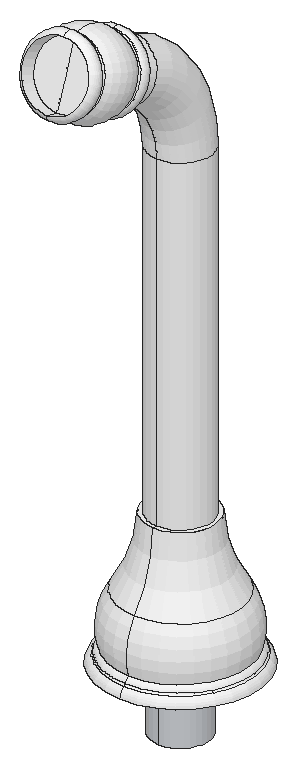
Revit family "Reece_Tap_Milli_Voir_Wall Bath Outlet_220 mm", category Plumbing Fixtures, host Face, Revit 2018
Family settings
  Host = Face
  Round Connector Dimension = Use Diameter
  Part Type = Normal
  Cut with Voids When Loaded = No
  Shared = Yes
  Room Calculation Point = Yes
Parameters (values of type "Chrome")
  WFU = 0  # constant formula
  URL = "https://www.reece.com.au/product/-2265287"
  Type Comments = "Tap"
  Reece_Tap_Reach = 220 mm  # constant formula
  Reece_Tap_Inlet = 12 mm  # constant formula
  Reece_Product_Web Page = "https://www.reece.com.au/product/-2265287"
  Reece_Product_Type = "Tap"  # constant formula
  Reece_Product_Sub Brand = "Voir"  # constant formula
  Reece_Product_Number = "2265287"
  Reece_Product_Mount = "Wall Mounted"
  Reece_Product_Description = "Milli Voir Wall Bath Outlet 220mm Chrome"
  Reece_Product_Brand = "Milli"  # constant formula
  Reece_Material_Main = Reece_Brass_Chrome
  Reece_Detail_Installation = ""
  Reece_Detail_Disclaimer = "THIS FILE IS THE PROPERTY OF THE REECE GROUP. IT MAY NOT BE REPRODUCED, REVERSE-ENGINEERED, OR MODIFIED. ANY REPUBLICATION, TRANSMISSION, OR DISTRIBUTION FOR THE PURPOSE OF COMMERCIALLY EXPLOITING THE FILES IS PROHIBITED."  # constant formula
  Reece_Detail_Connector = ""
  Reece_Detail_Additional = "Wall Bath Outlet"  # constant formula
  Reece_Backplate_Diameter = 56 mm  # constant formula
  Model = "Voir"
  Manufacturer = "Milli"
  Keynote = "Product #2265287, Reece_Tap_Milli_Voir_Wall Bath Outlet_220 mm - Chrome"
  HWFU = 0  # constant formula
  Disclaimer = "THIS FILE IS THE PROPERTY OF THE REECE GROUP. IT MAY NOT BE REPRODUCED, REVERSE-ENGINEERED, OR MODIFIED. ANY REPUBLICATION, TRANSMISSION, OR DISTRIBUTION FOR THE PURPOSE OF COMMERCIALLY EXPLOITING THE FILES IS PROHIBITED."  # constant formula
  Description = "Milli Voir Wall Bath Outlet 220mm Chrome"
  Default Elevation = 1000 mm
  CWFU = 0  # constant formula
Types (5, lengths in mm): name | URL | Reece_Product_Web Page | Reece_Product_Number | Reece_Product_Description | Reece_Material_Main | Keynote | Description
  Brushed Gunmetal | "https://www.reece.com.au/product/-2265531" | "https://www.reece.com.au/product/-2265531" | "2265531" | "Milli Voir Wall Bath Outlet 220mm Brushed Gunmetal" | Reece_Brass_Brushed Gunmetal | "Product #2265531, Reece_Tap_Milli_Voir_Wall Bath Outlet_220 mm - Brushed Gunmetal" | "Milli Voir Wall Bath Outlet 220mm Brushed Gunmetal"
  Brushed Nickel | "https://www.reece.com.au/product/-2265470" | "https://www.reece.com.au/product/-2265470" | "2265470" | "Milli Voir Wall Bath Outlet 220mm Brushed Nickel" | Reece_Brass_Brushed Nickel | "Product #2265470, Reece_Tap_Milli_Voir_Wall Bath Outlet_220 mm - Brushed Nickel" | "Milli Voir Wall Bath Outlet 220mm Brushed Nickel"
  Chrome | "https://www.reece.com.au/product/-2265287" | "https://www.reece.com.au/product/-2265287" | "2265287" | "Milli Voir Wall Bath Outlet 220mm Chrome" | Reece_Brass_Chrome | "Product #2265287, Reece_Tap_Milli_Voir_Wall Bath Outlet_220 mm - Chrome" | "Milli Voir Wall Bath Outlet 220mm Chrome"
  Matte Black | "https://www.reece.com.au/product/-2265409" | "https://www.reece.com.au/product/-2265409" | "2265409" | "Milli Voir Wall Bath Outlet 220mm Matte Black" | Reece_Brass_Matte Black | "Product #2265409, Reece_Tap_Milli_Voir_Wall Bath Outlet_220 mm - Matte Black" | "Milli Voir Wall Bath Outlet 220mm Matte Black"
  Brushed Gold | "https://www.reece.com.au/product/-2266275" | "https://www.reece.com.au/product/-2266275" | "2266275" | "Milli Voir Bath Outlet 220mm Brushed Gold" | Reece_Brass_Brushed Gold | "Product #2266275, Reece_Tap_Milli_Voir_Wall Bath Outlet_220 mm - Brushed Gold" | "Milli Voir Bath Outlet 220mm Brushed Gold"
Reference planes
  plane 1 "Center (Front/Back)": y = 0
  plane 2 "Bottom": z = 0
  plane 3 "Center (Left/Right)": x = 0
  plane 4 "Top": z = 220
  plane 5: x = -28.008
  plane 6: x = 27.992
Forms (mm)
  Revolve 1, solid, material "Reece_Brass_Chrome" <- "Reece_Material_Main"
    sketch origin (-0.022, 0.015, 0.037) x (0, 1, 0) y (0, 0, 1)
      loop
        line (-17.026, 0) -> (-17.026, 3.905) -> (-0.015, 3.905) -> (-0.015, 50.195) -> (-12.673, 50.195)
        arc (-12.673, 50.195) -> (-14.973, 36.755) -> (-21.068, 24.558) r 46.559
        arc (-21.068, 24.558) -> (-24.677, 15.618) -> (-24.007, 6) r 21.453
        arc (-24.007, 6) -> (-24.941, 5.13) -> (-25.558, 4.014) r 4.059
        arc (-25.558, 4.014) -> (-25.709, 3.628) -> (-26.001, 3.333) r 1.027
        arc (-26.001, 3.333) -> (-27.375, 1.891) -> (-28.001, 0) r 4.541
        line (-28.001, 0) -> (-17.026, 0)
      axis (-0.015, 50.195) -> (-0.015, 0)
    angle from 0 to 360
  Sweep 2, solid, material "Reece_Brass_Chrome" <- "Reece_Material_Main"
    path origin (-0.022, 0.015, 0.037) x (0, 1, 0) y (0, 0, 1)
      loop
        line (-0.015, 46.954) -> (-0.015, 172.448)
        arc (-0.015, 172.448) -> (-6.985, 194.554) -> (-25.374, 208.664) r 38.541
        line (-25.374, 208.664) -> (-36.764, 212.81)
    profile origin (-0.022, 0, 109.738) x (0, -1, 0) y (1, 0, 0)
      loop
        circle (0, 0) r 11
  Revolve 3, solid, material "Reece_Brass_Chrome" <- "Reece_Material_Main"
    sketch origin (-0.022, -269.025, 130.739) x (0, -0.173732, -0.984793) y (0, 0.984793, -0.173732)
      loop
        line (-120.28, 220.62) -> (-131.982, 222.683)
        arc (-131.982, 222.683) -> (-134.415, 220.912) -> (-134.103, 217.92) r 3.014
        arc (-134.103, 217.92) -> (-133.937, 217.195) -> (-134.341, 216.571) r 0.953
        arc (-134.341, 216.571) -> (-137.943, 208.94) -> (-137.09, 200.544) r 15.753
        arc (-137.09, 200.544) -> (-137.03, 199.883) -> (-137.331, 199.292) r 1.195
        arc (-137.331, 199.292) -> (-138.721, 196.658) -> (-137.205, 194.094) r 3.05
        line (-137.205, 194.094) -> (-135.881, 199.036) -> (-124.441, 197.019) -> (-120.28, 220.62)
      axis (-120.28, 220.62) -> (-125.326, 192)
    angle from 0 to 360
  Revolve 4, solid
    sketch origin (0, 0, 0) x (0, 1, 0) y (0, 0, 1)
      loop
        line (7.29, 2.015) -> (7.29, 3.979) -> (0, 3.979) -> (0, -19.015) -> (7.499, -19.015) -> (7.499, -22.969) -> (10.096, -22.969) -> (10.096, -6.231) -> (11.235, -5.794) -> (10.289, -4.971) -> (10.289, -4.171) -> (11.258, -3.719) -> (10.289, -3.13) -> (10.289, -2.33) -> (11.238, -1.887) -> (10.289, -1.31) -> (10.289, -0.51) -> (11.258, -0.058) -> (10.096, 1.105) -> (10.096, 2.015) -> (7.29, 2.015)
      axis (0, 3.979) -> (0, -22.969)
    angle from 0 to 360
  Extrusion 5, void
    sketch origin (0, 0, 0) x (1, 0, 0) y (0, 1, 0)
      loop
        circle (-0.022, 0) r 25
    from 0 to -22.969
Cuts and joins
  joined: Revolve 1, Sweep 2, Revolve 3
Text (mm)
  text "Reece Copyright © 2018, Reece Ltd." at (-42.705, -185.014, 0), in view "Ref. Level"
  text "Reece ©" at (44.384, 258.95, 192.345), in view "Reece Preview"
Dimensions and locks
  "Reece_Tap_Reach": plane 4 "Top" to plane 2 "Bottom"
  "Reece_Backplate_Diameter": plane 5 to plane 6
  plane 5 to plane 6 = 56 mm
  plane 2 "Bottom" to plane 4 "Top" = 220 mm
  plane 6 to plane 5 = 56 mm
  plane 4 "Top" to plane 2 "Bottom" = 220 mm
  aligned and locked: plane 2 "Bottom" to host face
  aligned and locked: level to host face
  aligned and locked: Revolve 1 sketch curve to plane 1 "Center (Front/Back)"
Automatic sketch dimensions
  host sketch curve to host sketch curve = 380.785 mm
  host sketch curve to host sketch curve = 317.421 mm
  Revolve 1 sketch curve to plane 1 "Center (Front/Back)" = 0 mm
  plane 1 "Center (Front/Back)" to Revolve 1 sketch curve = 3.473 mm
  plane 1 "Center (Front/Back)" to Revolve 1 sketch curve = 12.659 mm
  level to Revolve 1 sketch curve = 0.037 mm
  plane 1 "Center (Front/Back)" to Revolve 1 sketch curve = 17.012 mm
  level to Revolve 1 sketch curve = 2.668 mm
  Revolve 1 sketch curve to Revolve 1 sketch curve = 4.716 mm
  Revolve 1 sketch curve to level = 0.408 mm
  Revolve 1 sketch curve to Revolve 1 sketch curve = 1.74 mm
  Revolve 1 sketch curve to Revolve 1 sketch curve = 4.829 mm
  Revolve 1 sketch curve to Revolve 1 sketch curve = 1.43 mm
  Revolve 1 sketch curve to Revolve 1 sketch curve = 46.547 mm
  Revolve 1 sketch curve to Revolve 1 sketch curve = 3.905 mm
  level to Revolve 1 sketch curve = 4.224 mm
  Revolve 1 sketch curve to Revolve 1 sketch curve = 8.357 mm
  Revolve 1 sketch curve to Revolve 1 sketch curve = 37.934 mm
  Revolve 1 sketch curve to Revolve 1 sketch curve = 1.048 mm
  Revolve 1 sketch curve to Revolve 1 sketch curve = 0 mm
  Revolve 1 sketch curve to Revolve 1 sketch curve = 2.564 mm
  Revolve 1 sketch curve to Revolve 1 sketch curve = 0.443 mm
  Revolve 1 sketch curve to level = 70.934 mm
  Revolve 1 sketch curve to Revolve 1 sketch curve = 83.834 mm
  Sweep 2 sketch curve to plane 1 "Center (Front/Back)" = 0 mm
  Sweep 2 sketch curve to plane 4 "Top" = 11.299 mm
  plane 1 "Center (Front/Back)" to Sweep 2 sketch curve = 25.359 mm
  plane 1 "Center (Front/Back)" to Sweep 2 sketch curve = 38.541 mm
  Sweep 2 sketch curve to plane 4 "Top" = 7.153 mm
  Sweep 2 sketch curve to Sweep 2 sketch curve = 11.39 mm
  level to Sweep 2 sketch curve = 46.991 mm
  Sweep 2 sketch curve to profile plane = 0 mm  (x2)
  plane 4 "Top" to Revolve 3 sketch curve = 12.075 mm
  plane 1 "Center (Front/Back)" to Revolve 3 sketch curve = 47.948 mm
  Revolve 3 sketch curve to Revolve 3 sketch curve = 0.999 mm
  Revolve 3 sketch curve to Revolve 3 sketch curve = 2.323 mm
  Revolve 3 sketch curve to Revolve 3 sketch curve = 0.209 mm
  Revolve 3 sketch curve to Revolve 3 sketch curve = 3.328 mm
  Revolve 3 sketch curve to Revolve 3 sketch curve = 2.893 mm
  Revolve 3 sketch curve to Revolve 3 sketch curve = 0.32 mm
  Revolve 3 sketch curve to Revolve 3 sketch curve = 11.231 mm
  Revolve 3 sketch curve to Revolve 3 sketch curve = 2.025 mm
  Revolve 3 sketch curve to Revolve 3 sketch curve = 11.382 mm
  Revolve 3 sketch curve to Revolve 3 sketch curve = 1.073 mm
  Revolve 3 sketch curve to Revolve 3 sketch curve = 2.017 mm
  Revolve 3 sketch curve to Revolve 3 sketch curve = 2.304 mm
  Revolve 3 sketch curve to Revolve 3 sketch curve = 2.637 mm
  Revolve 3 sketch curve to Revolve 3 sketch curve = 9.258 mm
  Revolve 3 sketch curve to Revolve 3 sketch curve = 5.323 mm
  Revolve 3 sketch curve to Revolve 3 sketch curve = 2.996 mm
  Revolve 3 sketch curve to Revolve 3 sketch curve = 0.872 mm
  Revolve 3 sketch curve to Revolve 3 sketch curve = 0 mm
  Revolve 3 sketch curve to Revolve 3 sketch curve = 0.535 mm
  Revolve 3 sketch curve to Revolve 3 sketch curve = 1.394 mm
  Revolve 3 sketch curve to Revolve 3 sketch curve = 0.516 mm
  Revolve 3 sketch curve to Revolve 3 sketch curve = 7.907 mm
  Revolve 3 sketch curve to Revolve 3 sketch curve = 2.924 mm
  Revolve 4 sketch curve to plane 1 "Center (Front/Back)" = 0 mm  (x2)
  Revolve 4 sketch curve to Revolve 4 sketch curve = 7.29 mm
  Revolve 4 sketch curve to Revolve 4 sketch curve = 7.499 mm
  Revolve 4 sketch curve to Revolve 4 sketch curve = 2.806 mm
  Revolve 4 sketch curve to Revolve 4 sketch curve = 2.596 mm
  Revolve 4 sketch curve to Revolve 4 sketch curve = 0.193 mm
  Revolve 4 sketch curve to level = 1.31 mm
  Revolve 4 sketch curve to Revolve 4 sketch curve = 0 mm  (x2)
  Revolve 4 sketch curve to level = 4.171 mm
  Revolve 4 sketch curve to Revolve 4 sketch curve = 1.14 mm
  Revolve 4 sketch curve to level = 1.887 mm
  Revolve 4 sketch curve to Revolve 4 sketch curve = 0.95 mm
  Revolve 4 sketch curve to level = 3.719 mm
  Revolve 4 sketch curve to Revolve 4 sketch curve = 0.969 mm
  Revolve 4 sketch curve to level = 0.058 mm
  Revolve 4 sketch curve to Revolve 4 sketch curve = 0.97 mm
  Revolve 4 sketch curve to Revolve 4 sketch curve = 0.8 mm  (x2)
  Revolve 4 sketch curve to Revolve 4 sketch curve = 0.823 mm
  Revolve 4 sketch curve to Revolve 4 sketch curve = 0.437 mm
  Revolve 4 sketch curve to Revolve 4 sketch curve = 12.784 mm
  Revolve 4 sketch curve to Revolve 4 sketch curve = 3.953 mm
  Revolve 4 sketch curve to Revolve 4 sketch curve = 1.041 mm
  Revolve 4 sketch curve to level = 0.51 mm
  level to Revolve 4 sketch curve = 1.105 mm
  level to Revolve 4 sketch curve = 2.015 mm
  Revolve 4 sketch curve to Revolve 4 sketch curve = 1.964 mm
  Revolve 4 sketch curve to Revolve 4 sketch curve = 5.732 mm
  Revolve 4 sketch curve to Revolve 4 sketch curve = 19.818 mm
  plane 1 "Center (Front/Back)" to Extrusion 5 sketch curve = 0 mm
  Extrusion 5 sketch curve to plane 3 "Center (Left/Right)" = 0.022 mm
  radius of Sweep 2 sketch curve = 11 mm
  radius of Extrusion 5 sketch curve = 25 mm
Connectors
  piping at (0, 0, -22.969), diameter 12, driven by "Reece_Tap_Inlet"
    settings: on Revolve 4, index 1, connector inside diameter 609.6 mm, connector length 0 mm, flow factor 0, pipe flow 0.0 L/s, pressure drop 0.0 Pa, fitting loss kfactor 0, connector angle 0.00°, fixture units 0, engagement length 0 mm, angle of deflection 0.00°, flow configuration 0, flow direction 1, fitting loss method 0, system type 16, joint type 0, gender type 0, connector reference index -1, connector utility 0, adjustable connector no, is connector primary yes, connector description ""
